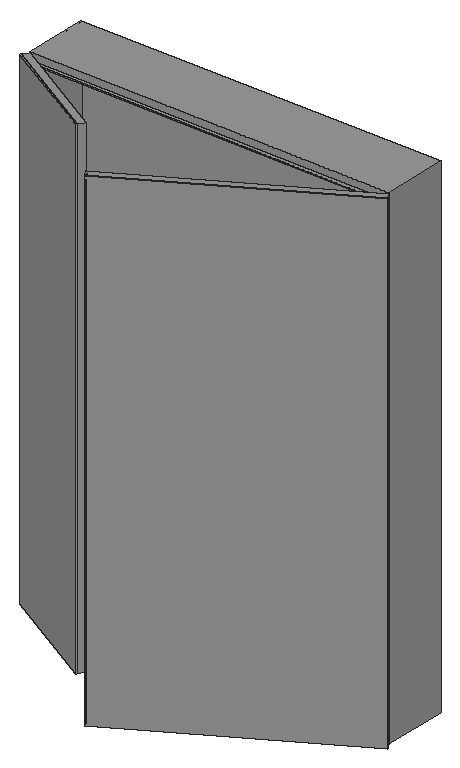
Revit family "Hager-Univers-IP44-D161-H1100-Cl.II-FWQ_encl-NoHosted-AT-de", category Equipement électrique, Revit 2020
Family settings
  Configuration du panneau = Deux colonnes, circuits au sein
  Cote de connecteur circulaire = Utiliser le diamètre
  Type d'élément = Tableau de raccordement
  Basée sur le plan de construction = Oui
  Toujours verticalement = Oui
  Couper avec des vides une fois chargée = Non
  Partagée = Non
  Point de calcul de pièce = Non
Parameters (values of type "Aufputz IP44 B800 H1100 T161  - FWQ73P")
  Width Control [instance] = if([EF000008 - Breite] > Min Width, [EF000008 - Breite], Min Width)  # 800 mm
  Commentaires du type = [HG000003 - Bereich]  # "Univers"
  Thickness Door [instance] = if([EF009171 - Materialstärke Tür/Deckel] > 3 mm, 3 mm, [EF009171 - Materialstärke Tür/Deckel])  # 2 mm
  Seal Frame Offset [instance] = 17 mm  # constant formula
  Plinth Visibility [instance] = [HG000027 - Sockelhöhe] > 0 mm  # no
  Min Width [instance] = 100 mm  # constant formula
  Min Depth [instance] = (2 * [EF009170 - Materialstärke Gehäuse]) + 1 mm  # 5 mm
  Min Height [instance] = 100 mm  # constant formula
  Internal Frame Depth [instance] = (Door System Depth * 0.5)  # 9 mm
  Panel Name [instance] = ""  # (empty or 0)
  Model = ""
  HG000027 - Sockelhöhe = 0 mm
  HG000026 - Stehend auf dem Boden = no
  HG000024 - Höhe des unteren Teils = 600 mm
  HG000023 - Gehäuse mit doppeltem Querschnitt = no
  HG000016 - 3D-Türsichtbarkeit [instance] = yes
  HG000015 - Sichtbarkeit der Türöffnung [instance] = no
  HG000014 - Tür rechts [instance] = yes
  HG000013 - Tür links [instance] = not([HG000014 - Tür rechts])  # no
  HG000012 - Türschwenkwinkel [instance] = 30.00°
  HG000010 - Asymmetrische Türen = yes
  HG000009 - Doppelflügeligen Tür = yes
  HG000006 - Unterputz = no
  HG000004 - Herstellerreferenz = "FWQ73P"
  HG000003 - Bereich = "Univers"
  HG000002 - Mit tür = yes
  Frame Offset Bottom [instance] = 10 mm  # constant formula
  Frame Offset [instance] = 15 mm  # constant formula
  EF015940 - Deckel mit Überdruckentlastung = no
  EF011959 - Schutzart (NEMA) = ""
  EF009554 - Anzahl der Öffnungen für Flanschplatten = 6
  EF009212 - Ausführung Deckel = "EV009916 - mit Ausschnitt"
  EF009171 - Materialstärke Tür/Deckel = 2 mm
  EF009170 - Materialstärke Gehäuse = 2 mm
  EF008873 - Nennstrom (In) = 125 A
  EF007800 - Geeignet für Blitzschutz = no
  EF006306 - Mit Schloss = no
  EF006244 - Transparenter Deckel/Tür = no
  EF005474 - Schutzart (IP) = "EV006418 - IP44"
  EF004464 - Art der Tür = "EV002646 - Einzel"
  EF004427 - Anzahl der Module = 252
  EF004293 - Schlagfestigkeit = "EV006815 - IK09"
  EF003532 - Geeignet für Außengebrauch = no
  EF002950 - Breite in Teilungseinheiten = 12
  EF001613 - Funktionserhalt = "EV000494 - ohne"
  EF001596 - Werkstoff des Gehäuses = "EV000179 - Stahl"
  EF001131 - Innentiefe = 161 mm
  EF001088 - Anbaumöglichkeit = yes
  EF000437 - Anzahl der Leitungseinführungen = 12
  EF000339 - Art der Abdeckung = "EV001012 - Deckel"
  EF000266 - Anzahl der Reihen = 21
  EF000218 - Einbautiefe = 0 mm
  EF000118 - Mit Montageplatte = yes
  EF000116 - RAL-Nummer = "9010"
  EF000049 - Tiefe = 161 mm
  EF000040 - Höhe = 1100 mm
  EF000008 - Breite = 800 mm
  EF000007 - Farbe = "EV000202 - weiß"
  EF000003 - Montageart = "EV000384 - Aufputz"
  Door System Leaf Tolerance [instance] = 1.5 mm  # constant formula
  Door System Depth [instance] = 18 mm  # constant formula
  Door Height [instance] = Height Control - [HG000027 - Sockelhöhe]  # 1100 mm
  Description = ""
  Default Elevation = 1219.2 mm
  Connector Offset [instance] = Height Control / 2  # 550 mm
  Fabricant = "Hager"  # constant formula
  Height Control [instance] = if([EF000040 - Höhe] > Min Height, [EF000040 - Höhe], Min Height)  # 1100 mm
  Depth Control [instance] = if([EF000049 - Tiefe] > Min Depth, [EF000049 - Tiefe], Min Depth)  # 161 mm
  Bottom Top Plate Trim [instance] = 1.5 mm  # constant formula
  Plinth height Ctrl [instance] = if([HG000027 - Sockelhöhe] > 0 mm, [HG000027 - Sockelhöhe], 12 mm)  # 12 mm
Types (4, lengths in mm): name | Width Control | HG000010 - Asymmetrische Türen | HG000009 - Doppelflügeligen Tür | HG000004 - Herstellerreferenz | EF009554 - Anzahl der Öffnungen für Flanschplatten | EF004427 - Anzahl der Module | EF000437 - Anzahl der Leitungseinführungen | EF000266 - Anzahl der Reihen | EF000008 - Breite
  Aufputz IP44 B1050 H1100 T161  - FWQ74P | 1050 | no | yes | "FWQ74P" | 8 | 336 | 16 | 28 | 1050
  Aufputz IP44 B300 H1100 T161  - FWQ71P | 300 | no | no | "FWQ71P" | 2 | 84 | 4 | 1 | 300
  Aufputz IP44 B550 H1100 T161  - FWQ72P | 550 | no | no | "FWQ72P" | 4 | 168 | 8 | 14 | 550
  Aufputz IP44 B800 H1100 T161  - FWQ73P | 800 | yes | yes | "FWQ73P" | 6 | 252 | 12 | 21 | 800
Reference planes
  plane 1 "Center (Front/Back)": y = 0
  plane 2: z = 0
  plane 3 "Center (Left/Right)": x = 0
  plane 4: y = 0
  plane 5: y = 0
  plane 6: z = 0
  plane 7: x = -400
  plane 8: x = 400
  plane 9: x = 398
  plane 10: x = -398
  plane 11: z = 0
  plane 12: z = 2
  plane 13: y = -161
  plane 14: y = -2
  plane 15: x = 0
  plane 16: y = -143
  plane 17: y = -159
  plane 18: y = -141
  plane 19: x = -383
  plane 20: x = 383
  plane 21: z = 12
  plane 22: x = -383
  plane 23: x = 383
  plane 24: z = 0
  plane 25: z = 1100
  plane 26: z = 1100
  plane 27: z = 1083
  plane 28: z = 1098
Forms (mm)
  Extrusion 1, solid, material "Hager_Steel_RAL7035_Light_Grey", detail levels medium+fine
    sketch origin (-208.679, -4572, 0) x (-1, 0, 0) y (0, -1, 0)
      loop
        line (191.321, -4429) -> (-608.679, -4429) -> (-608.679, -4572) -> (191.321, -4572) -> (191.321, -4429)
    from 0 to 1100
  Extrusion 2, void
    sketch origin (-350.771, -161, 1219.2) x (1, 0, 0) y (0, 0, 1)
      loop
        line (-47.229, -121.2) -> (-47.229, -1217.2) -> (748.771, -1217.2) -> (748.771, -121.2) -> (-47.229, -121.2)
    from -20 to -159
  Extrusion 3, void
    sketch origin (-290.084, -143, 1219.2) x (1, 0, 0) y (0, 0, 1)
      loop
        line (-92.916, -1207.2) -> (673.084, -1207.2) -> (673.084, -136.2) -> (-92.916, -136.2) -> (-92.916, -1207.2)
    from 0 to -2
  Extrusion 4, solid, material "Hager_Steel_RAL7035_Light_Grey", visible <- "Plinth Visibility", detail levels medium+fine
    sketch origin (0, 0, 0) x (1, 0, 0) y (0, 1, 0)
      loop
        line (-400, 0) -> (-400, -143) -> (400, -143) -> (400, 0) -> (-400, 0)
    from 0 to 12 <- "Plinth height Ctrl"
  Extrusion 5, solid, material "Hager_Steel_RAL7035_Light_Grey", detail levels coarse
    sketch origin (0, 0, 0) x (1, 0, 0) y (0, 1, 0)
      loop
        line (-400, 0) -> (-400, -161) -> (400, -161) -> (400, 0) -> (-400, 0)
    from 0 to 1100 <- "Height Control"
  Sweep 6, void
    path in 3D
      loop
        line (-400, -143, 12) -> (400, -143, 12) -> (400, 0, 12) -> (-400, 0, 12) -> (-400, -143, 12)
    profile origin (-400, -71.5, 12) x (1, 0, 0) y (0, 0, 1)
      loop
        line (0, 0) -> (0, -1.5) -> (1.5, -1.5)
        arc (1.5, -1.5) -> (1.061, -0.439) -> (0, 0) r 1.5
  Extrusion 7, solid, material "Hager_Steel_RAL7035_Light_Grey", detail levels fine
    sketch origin (-400, -143, 0) x (1, 0, 0) y (0, 0, 1)
      loop
        line (17, 12) -> (783, 12) -> (783, 1083) -> (17, 1083) -> (17, 12)
      loop
        line (15, 10) -> (785, 10) -> (785, 1085) -> (15, 1085) -> (15, 10)
    from 0 to 9 <- "Internal Frame Depth"
Cuts and joins
  Extrusion 2, Extrusion 3 cuts Extrusion 1
  Sweep 6 cuts Extrusion 4
Lines and regions (mm)
  Masking region 1
    outline origin (0, 0, 0) x (1, 0, 0) y (0, 1, 0)
      loop
        line (-400, 0) -> (-400, -161) -> (400, -161) -> (400, 0) -> (-400, 0)
  Masking region 2, detail levels coarse
    outline origin (-290.084, -143, 1219.2) x (-1, 0, 0) y (0, 0, 1)
      loop
        line (-690.084, -1219.2) -> (109.916, -1219.2) -> (109.916, -119.2) -> (-690.084, -119.2) -> (-690.084, -1219.2)
  Masking region 3, detail levels coarse
    outline origin (0, 0, 0) x (0, 1, 0) y (0, 0, 1)
      loop
        line (0, 0) -> (0, 1100) -> (-161, 1100) -> (-161, 0) -> (0, 0)
  Masking region 4, visible <- "Plinth Visibility", detail levels medium+fine
    outline origin (0, 0, 0) x (0, 1, 0) y (0, 0, 1)
      loop
        line (-1.5, 12) -> (-141.5, 12)
        arc (-141.5, 12) -> (-141.939, 10.939) -> (-143, 10.5) r 1.5
        line (-143, 10.5) -> (-143, 0) -> (0, 0) -> (0, 10.5)
        arc (0, 10.5) -> (-1.061, 10.939) -> (-1.5, 12) r 1.5
  Masking region 5, detail levels medium+fine
    outline origin (0, 0, 594.038) x (0, 1, 0) y (0, 0, 1)
      loop
        line (0, -594.038) -> (0, 505.962) -> (-143, 505.962) -> (-143, -594.038) -> (0, -594.038)
  Masking region 6, detail levels medium+fine
    outline origin (-359.7, -143, 1211.883) x (-1, 0, 0) y (0, 0, 1)
      loop
        line (-759.7, -1211.883) -> (40.3, -1211.883) -> (40.3, -111.883) -> (-759.7, -111.883) -> (-759.7, -1211.883)
  Masking region 7, visible <- "Plinth Visibility", detail levels medium+fine
    outline origin (-320.334, -143, 1041.368) x (-1, 0, 0) y (0, 0, 1)
      loop
        line (-720.334, -1041.368) -> (79.666, -1041.368) -> (79.666, -1030.868)
        arc (79.666, -1030.868) -> (78.606, -1030.429) -> (78.166, -1029.368) r 1.5
        line (78.166, -1029.368) -> (-718.834, -1029.368)
        arc (-718.834, -1029.368) -> (-719.273, -1030.429) -> (-720.334, -1030.868) r 1.5
        line (-720.334, -1030.868) -> (-720.334, -1041.368)
  sketch lines
    curve 1: line (-400, 0, 12) -> (-400, -143, 12)
    curve 2: line (-400, -143, 12) -> (400, -143, 12)
    curve 3: line (400, 0, 12) -> (-400, 0, 12)
    curve 4: line (400, -143, 12) -> (400, 0, 12)
Dimensions and locks
  locked: plane 1 "Center (Front/Back)" to plane 5
  "EF009170 - Materialstärke Gehäuse": plane 7 to plane 10
  "EF009170 - Materialstärke Gehäuse": plane 8 to plane 9
  equal spacing: plane 7, plane 3 "Center (Left/Right)", plane 8
  "Width Control": plane 7 to plane 8
  "Depth Control": plane 4 to plane 13
  "EF009170 - Materialstärke Gehäuse": plane 4 to plane 14
  "Height Control": plane 25 to level
  "HG000027 - Sockelhöhe": plane 11 to level
  "EF009170 - Materialstärke Gehäuse": plane 12 to plane 11
  "EF009170 - Materialstärke Gehäuse": plane 17 to plane 13
  "EF009170 - Materialstärke Gehäuse": plane 18 to plane 16
  "Frame Offset Bottom": plane 21 to plane 12
  "Frame Offset": plane 10 to plane 19
  "Frame Offset": plane 9 to plane 20
  "Door System Depth": plane 16 to plane 13
  "Seal Frame Offset": plane 7 to plane 22
  "Seal Frame Offset": plane 8 to plane 23
  "EF009170 - Materialstärke Gehäuse": plane 26 to plane 28
  "Frame Offset": plane 28 to plane 27
  "Connector Offset": plane 2 to connector elem
  "Bottom Top Plate Trim": profile plane to Sweep 6 sketch curve
  "Bottom Top Plate Trim": Sweep 6 sketch curve to Sweep 6 sketch curve
  "Plinth height Ctrl": Masking region 4 sketch curve to level
  "Plinth height Ctrl": Masking region 7 sketch curve to level
  "Thickness Door": Extrusion 7 sketch curve to Extrusion 7 sketch curve  (x4)
  "Bottom Top Plate Trim": radius of Sweep 6 sketch curve
  "Bottom Top Plate Trim": radius of Masking region 4 sketch curve  (x2)
  "Bottom Top Plate Trim": radius of Masking region 7 sketch curve  (x2)
  aligned and locked: Extrusion 2 sketch curve to plane 12
  aligned and locked: Extrusion 2 sketch curve to plane 9
  aligned and locked: Extrusion 2 sketch curve to plane 10
  aligned and locked: Extrusion 2 to plane 14
  aligned and locked: Extrusion 1 sketch curve to plane 4
  aligned and locked: plane 8 to Extrusion 1 sketch curve
  aligned and locked: plane 7 to Extrusion 1 sketch curve
  aligned and locked: Extrusion 2 to plane 18
  aligned and locked: Extrusion 3 sketch curve to plane 19
  aligned and locked: plane 20 to Extrusion 3 sketch curve
  aligned and locked: Extrusion 3 to Extrusion 2
  aligned and locked: Extrusion 3 sketch curve to plane 21
  aligned and locked: plane 3 "Center (Left/Right)" to nested 1
  aligned and locked: Extrusion 1 sketch curve to plane 16
  aligned and locked: Extrusion 4 sketch curve to cut or joined group of Extrusion 1, Extrusion 2, Extrusion 3
  aligned and locked: Masking region 1 sketch curve to plane 7
  aligned and locked: Masking region 1 sketch curve to plane 5
  aligned and locked: Masking region 1 sketch curve to plane 8
  aligned and locked: Masking region 2 sketch curve to level
  aligned and locked: level to Masking region 3 sketch curve
  aligned and locked: plane 1 "Center (Front/Back)" to Masking region 3 sketch curve
  aligned and locked: plane 13 to Masking region 3 sketch curve
  aligned and locked: plane 5 to Masking region 4 sketch curve
  aligned and locked: Masking region 2 sketch curve to plane 8
  aligned and locked: Masking region 2 sketch curve to plane 7
  aligned and locked: plane 7 to nested 2
  aligned and locked: nested 2 to plane 5
  aligned and locked: plane 5 to Masking region 5 sketch curve
  aligned and locked: plane 26 to Masking region 5 sketch curve
  aligned and locked: Extrusion 5 sketch curve to plane 8
  aligned and locked: Extrusion 5 sketch curve to plane 7
  aligned and locked: Extrusion 5 sketch curve to plane 5
  aligned and locked: Extrusion 3 sketch curve to plane 27
  aligned and locked: Extrusion 2 sketch curve to plane 28
  aligned and locked: Masking region 2 to plane 25
  aligned and locked: Extrusion 4 to plane 16
  aligned and locked: profile plane to Sweep 6 sketch curve
  aligned and locked: Masking region 5 sketch curve to plane 24
  aligned and locked: level to Masking region 4 sketch curve
  aligned and locked: Masking region 1 to plane 13
  aligned and locked: nested 1 to plane 16
  aligned and locked: Masking region 3 to plane 25
  aligned and locked: plane 16 to Masking region 4 sketch curve
  aligned and locked: Masking region 5 sketch curve to plane 16
  aligned and locked: plane 24 to plane 11
  aligned and locked: plane 26 to plane 25
  aligned and locked: plane 26 to cut or joined group of Extrusion 1, Extrusion 2, Extrusion 3
  aligned and locked: nested 1 to plane 24
  aligned and locked: Extrusion 1 to Extrusion 3
  aligned and locked: Masking region 6 sketch curve to plane 8
  aligned and locked: Masking region 6 sketch curve to plane 24
  aligned and locked: Masking region 6 sketch curve to plane 7
  aligned and locked: Masking region 6 sketch curve to plane 26
  aligned and locked: Masking region 7 sketch curve to plane 7
  aligned and locked: level to Masking region 7 sketch curve
  aligned and locked: Masking region 7 sketch curve to plane 8
  aligned and locked: Extrusion 7 sketch curve to cut or joined group of Extrusion 1, Extrusion 2, Extrusion 3  (x4)
Automatic sketch dimensions
  plane 19 to Extrusion 3 sketch curve = 0 mm
  Extrusion 3 sketch curve to plane 20 = 0 mm
  Extrusion 3 sketch curve to plane 21 = 0 mm
  Extrusion 4 sketch curve to plane 7 = 0 mm
  Extrusion 4 sketch curve to plane 8 = 0 mm
  Extrusion 4 sketch curve to plane 16 = 0 mm
  Masking region 1 sketch curve to plane 13 = 0 mm
  Masking region 2 sketch curve to plane 25 = 0 mm
  Masking region 3 sketch curve to plane 25 = 0 mm
  Extrusion 5 sketch curve to plane 13 = 0 mm
  profile plane to Sweep 6 sketch curve = 0 mm
Nested families
  nested 1: "EC000058_Univers_Door" at (0, -143, 0), Double <- "HG000009 - Doppelflügeligen Tür", Transparent <- "EF006244 - Transparenter Deckel/Tür", Angle <- "HG000012 - Türschwenkwinkel", Door_Right <- "HG000014 - Tür rechts", Assymetrical <- "HG000010 - Asymmetrische Türen", Door <- "HG000002 - Mit tür", Width_Ctrl <- "Width Control", 3d_Door <- "HG000016 - 3D-Türsichtbarkeit", Clearance <- "HG000015 - Sichtbarkeit der Türöffnung", Door_Left <- "HG000013 - Tür links", Width <- "Width Control", Door_Depth <- "Door System Depth", Leaf_Tolerance <- "Door System Leaf Tolerance", Height <- "Door Height", Lock_Visibility <- "EF006306 - Mit Schloss", Thickness <- "Thickness Door", type "EC000058_Univers_Door", detail levels medium+fine
    with min_wh 5 mm, Width_Ctrl 800 mm, Width 800 mm, Transparent no, Thickness 2 mm, Seal_Material Hager_Rubber, Lock_Visibility no, Lock_Material Hager_Plastic_RAL9005_Jet_Black, Leaf_Width 800 mm, Leaf_Tolerance_External_Sides 0 mm, Leaf_Tolerance 1.5 mm, Leaf_Offset 0 mm, Leaf_Height 1097 mm, Leaf_2_Width 532.583 mm, Leaf_2_Offset 266.292 mm, Leaf_1_Width 265.917 mm, Leaf_1_Offset 132.958 mm, Height_Ctrl 1100 mm, Height 1100 mm, Glass_Material Hager_Glass, Double_Clearance_Ctrl no, Double yes, Door_Right_Ctrl yes, Door_Right yes, Door_Material Hager_Steel_RAL7035_Light_Grey, Door_Left_Ctrl yes, Door_Left no, Door_Depth 18 mm, Door yes, Clearance_Material Hager_Clearance, Clearance_Depth 532.583 mm, Clearance_Ctrl no, Clearance no, Assymetrical yes, Angle 30.00°, 3d_Door yes
  nested 2: "Hager_Enclosure_Symbol" at (-400, 0, 0), Height <- "Depth Control", Width <- "Width Control", type "Hager_Enclosure_Symbol"
    with Width_Ctrl 800 mm, Width 800 mm, Height_Ctrl 161 mm, Height 161 mm, A_Width_Int 10.566 mm, A_Width 126.788 mm, A_Height_Ctrl 140.875 mm, A_Height 140.875 mm
Connectors
  electrical at (0, 0, 550)
    settings: on plane 1 "Center (Front/Back)", index 1, voltage 0 V, apparent load 0 VA, apparent load phase1 0 VA, apparent load phase2 0 VA, apparent load phase3 0 VA, power factor 1, load classification "Other", number of poles 1, system type 30, power factor state 1, is connector primary yes, connector utility no, sub classification motor no, connector description ""
Definition of nested family "EC000058_Univers_Door"
  Parameters (values of type "EC000058_Univers_Door")
    min_wh [instance] = (2 * Thickness) + 1 mm  # 11 mm
    Width_Ctrl [instance] = 400 mm
    Width [instance] = 500 mm
    Transparent [instance] = yes
    Thickness [instance] = 5 mm
    Seal_Material [instance] = none
    Lock_Visibility [instance] = yes
    Lock_Material [instance] = none
    Leaf_Width [instance] = if((Width_Ctrl - 2 * Leaf_Tolerance_External_Sides) > 0 mm, (Width_Ctrl - 2 * Leaf_Tolerance_External_Sides), min_wh)  # 400 mm
    Leaf_Tolerance_External_Sides [instance] = 0 mm  # constant formula
    Leaf_Tolerance [instance] = 1.5 mm
    Leaf_Offset [instance] = 0 mm  # constant formula
    Leaf_Height [instance] = if((Height_Ctrl - 2 * Leaf_Tolerance) > 0 mm, (Height_Ctrl - 2 * Leaf_Tolerance), min_wh)  # 497 mm
    Leaf_2_Width [instance] = if(and(and(Double, Assymetrical), Door_Left), (Leaf_Width / 3) - (Leaf_Tolerance / 2), if(and(and(Double, Assymetrical), Door_Right), (Leaf_Width / 3) * 2 - (Leaf_Tolerance / 2), if(and(Double, not(Assymetrical)), (Leaf_Width / 2) - Leaf_Tolerance, Leaf_Width)))  # 400 mm
    Leaf_2_Offset [instance] = if(and(Double, Assymetrical), Leaf_2_Width / 2, if(and(Double, not(Assymetrical)), Leaf_Width / 4, Leaf_Width / 2))  # 200 mm
    Leaf_1_Width [instance] = if(and(and(Double, Assymetrical), Door_Right), (Leaf_Width / 3) - (Leaf_Tolerance / 2), if(and(and(Double, Assymetrical), Door_Left), (Width / 3) * 2 - (Leaf_Tolerance / 2), if(and(Double, not(Assymetrical)), (Leaf_Width / 2) - Leaf_Tolerance, Leaf_Width)))  # 400 mm
    Leaf_1_Offset [instance] = if(and(Double, Assymetrical), Leaf_1_Width / 2, if(and(Double, not(Assymetrical)), Leaf_Width / 4, Leaf_Width / 2))  # 200 mm
    Height_Ctrl [instance] = if(Height > min_wh, Height, min_wh)  # 500 mm
    Height [instance] = 500 mm
    Glass_Material [instance] = none
    Double_Clearance_Ctrl [instance] = and(Double, Clearance)  # no
    Double [instance] = no
    Door_Right_Ctrl [instance] = and(or(Door_Right, Double), Door)  # yes
    Door_Right [instance] = yes
    Door_Material [instance] = none
    Door_Left_Ctrl [instance] = and(or(Door_Left, Double), Door)  # no
    Door_Left [instance] = no
    Door_Depth [instance] = 30 mm
    Door [instance] = yes
    Default Elevation = 1219.2 mm
    Clearance_Material [instance] = none
    Clearance_Depth [instance] = if(Leaf_1_Width > Leaf_2_Width, Leaf_1_Width, Leaf_2_Width)  # 400 mm
    Clearance_Ctrl [instance] = and(not(Double), Clearance)  # yes
    Clearance [instance] = yes
    Assymetrical [instance] = yes
    Angle [instance] = 30.00°
    3d_Door [instance] = yes
  Reference planes
    plane 1 "Center (Front/Back)": y = 0
    plane 2 "Bottom": z = 0
    plane 3 "Center (Left/Right)": x = 0
    plane 4: z = 500
    plane 5: x = -200
    plane 6: x = 200
    plane 7: z = 500
    plane 8: x = -200
    plane 9: z = 0
    plane 10: x = 200
    plane 11: y = 0
    plane 12: z = 1.5
    plane 13: x = -600
    plane 14: y = -400
    plane 15: x = 600
    plane 16: x = 0
    plane 17: x = 0
    plane 18: x = -200
    plane 19: x = 200
    plane 20: z = 498.5
  Forms (mm)
    Extrusion 1, solid, material <- "Clearance_Material", visible <- "Double_Clearance_Ctrl"
      sketch origin (1200, 0, 0) x (1, 0, 0) y (0, 0, -1)
        loop
          line (-1800, -498.5) -> (-600, -498.5) -> (-600, 0) -> (-1800, 0) -> (-1800, -498.5)
      from 0 to -400
  Dimensions and locks
    equal spacing: plane 5, plane 3 "Center (Left/Right)", plane 6
    "Width_Ctrl": plane 5 to plane 6
    "Leaf_Offset": plane 5 to plane 8
    "Leaf_Offset": plane 6 to plane 10
    "Leaf_Offset": plane 9 to level
    "Leaf_Offset": plane 4 to plane 7
    "Height_Ctrl": plane 4 to level
    "Leaf_Tolerance": plane 12 to plane 9
    locked: plane 11 to plane 1 "Center (Front/Back)"
    "Leaf_1_Offset": plane 18 to plane 16
    "Leaf_2_Offset": plane 17 to plane 19
    "Leaf_1_Width": plane 13 to plane 8
    "Leaf_2_Width": plane 10 to plane 15
    "Clearance_Depth": plane 14 to plane 1 "Center (Front/Back)"
    "Leaf_Tolerance_External_Sides": plane 8 to plane 18
    "Leaf_Tolerance_External_Sides": plane 19 to plane 10
    "Leaf_Tolerance": plane 7 to plane 20
    aligned and locked: level to plane 2 "Bottom"
    aligned and locked: nested 1 to plane 16
    aligned and locked: nested 2 to plane 17
    aligned and locked: Extrusion 1 to plane 13
    aligned and locked: plane 15 to Extrusion 1
    aligned and locked: Extrusion 1 to plane 14
    aligned and locked: plane 12 to nested 1
    aligned and locked: nested 2 to plane 12
    aligned and locked: Extrusion 1 to plane 11
    aligned and locked: plane 20 to Extrusion 1
    aligned and locked: nested 2 to plane 11
    aligned and locked: nested 1 to plane 11
  Automatic sketch dimensions
    Extrusion 1 sketch curve to level = 0 mm
    plane 5 to Extrusion 1 sketch curve = 400 mm
    plane 6 to Extrusion 1 sketch curve = 400 mm
    Extrusion 1 sketch curve to plane 4 = 1.5 mm
  Nested families
    nested 1: "EC000058_Univers_Door_Leaf" at (0, 0, 1.5), Width <- "Leaf_1_Width", visible <- "Door_Left_Ctrl", Leaf_Height <- "Leaf_Height", Angle <- "Angle", 3d_Door <- "3d_Door", Transparent <- "Transparent", Clearance Material <- "Clearance_Material", Clearance <- "Clearance_Ctrl", Door_Material <- "Door_Material", Glass_Material <- "Glass_Material", Door_Depth <- "Door_Depth", Lock_Material <- "Lock_Material", Seal_Material <- "Seal_Material", Lock_Visibility <- "Lock_Visibility", Thickness <- "Thickness", type "EC000058_Univers_Door_Leaf"
      with Width 400 mm, Transparent_Glass_Offset 30 mm, Transparent_Ctrl yes, Transparent yes, Thickness 5 mm, Standard no, Seal_Material none, Seal_D2 8 mm, Seal_D1 1 mm, Offset_Internal_Frame 10 mm, Lock_Width 20 mm, Lock_Visibility_3d yes, Lock_Visibility yes, Lock_Thickness_3 3 mm, Lock_Thickness_2 1 mm, Lock_Thickness_1 3 mm, Lock_Radius_Offset_2 16 mm, Lock_Radius_Offset_1 15 mm, Lock_Radius_2 5 mm, Lock_Radius 6 mm, Lock_Offset 5 mm, Lock_Material none, Lock_Height 80 mm, Lock_Cover_Top_Offset_2d 17 mm, Lock_Cover_Height -65 mm, Leaf_Height 497 mm, Internal_Seal_Thickness 8 mm, Internal_Seal_Depth_2 4.5 mm, Internal_Frame_Depth 25 mm, Glass_Thickness -1 mm, Glass_Offset -2 mm, Glass_Material none, Door_Material none, Door_Depth 30 mm, Clearance Material none, Clearance yes, Angle_Ctrl 30.00°, Angle 30.00°, 3d_Door yes
    nested 2: "EC000058_Univers_Door_Leaf" at (0, 0, 1.5) x (-1, 0, 0) z (0, 0, 1), Width <- "Leaf_2_Width", visible <- "Door_Right_Ctrl", Leaf_Height <- "Leaf_Height", Angle <- "Angle", 3d_Door <- "3d_Door", Transparent <- "Transparent", Clearance Material <- "Clearance_Material", Clearance <- "Clearance_Ctrl", Door_Material <- "Door_Material", Glass_Material <- "Glass_Material", Door_Depth <- "Door_Depth", Lock_Material <- "Lock_Material", Seal_Material <- "Seal_Material", Lock_Visibility <- "Lock_Visibility", Thickness <- "Thickness", type "EC000058_Univers_Door_Leaf"
      with Width 400 mm, Transparent_Glass_Offset 30 mm, Transparent_Ctrl yes, Transparent yes, Thickness 5 mm, Standard no, Seal_Material none, Seal_D2 8 mm, Seal_D1 1 mm, Offset_Internal_Frame 10 mm, Lock_Width 20 mm, Lock_Visibility_3d yes, Lock_Visibility yes, Lock_Thickness_3 3 mm, Lock_Thickness_2 1 mm, Lock_Thickness_1 3 mm, Lock_Radius_Offset_2 16 mm, Lock_Radius_Offset_1 15 mm, Lock_Radius_2 5 mm, Lock_Radius 6 mm, Lock_Offset 5 mm, Lock_Material none, Lock_Height 80 mm, Lock_Cover_Top_Offset_2d 17 mm, Lock_Cover_Height -65 mm, Leaf_Height 497 mm, Internal_Seal_Thickness 8 mm, Internal_Seal_Depth_2 4.5 mm, Internal_Frame_Depth 25 mm, Glass_Thickness -1 mm, Glass_Offset -2 mm, Glass_Material none, Door_Material none, Door_Depth 30 mm, Clearance Material none, Clearance yes, Angle_Ctrl 30.00°, Angle 30.00°, 3d_Door yes
  Definition of nested family "EC000058_Univers_Door_Leaf"
    Parameters (values of type "EC000058_Univers_Door_Leaf")
      Width [instance] = 2000 mm
      Transparent_Glass_Offset [instance] = 30 mm
      Transparent_Ctrl [instance] = and(Transparent, [3d_Door])  # yes
      Transparent [instance] = yes
      Thickness [instance] = 5 mm
      Standard [instance] = and(not(Transparent), [3d_Door])  # no
      Seal_Material [instance] = none
      Seal_D2 [instance] = 8 mm  # constant formula
      Seal_D1 [instance] = 1 mm  # constant formula
      Offset_Internal_Frame [instance] = 10 mm  # constant formula
      Lock_Width [instance] = 20 mm  # constant formula
      Lock_Visibility_3d [instance] = and(Lock_Visibility, [3d_Door])  # yes
      Lock_Visibility [instance] = yes
      Lock_Thickness_3 [instance] = 3 mm  # constant formula
      Lock_Thickness_2 [instance] = 1 mm  # constant formula
      Lock_Thickness_1 [instance] = 3 mm  # constant formula
      Lock_Radius_Offset_2 [instance] = Lock_Radius_Offset_1 + 1 mm  # 16 mm
      Lock_Radius_Offset_1 [instance] = 15 mm  # constant formula
      Lock_Radius_2 [instance] = Lock_Radius - 1 mm  # 5 mm
      Lock_Radius [instance] = 6 mm  # constant formula
      Lock_Offset [instance] = 5 mm  # constant formula
      Lock_Material [instance] = none
      Lock_Height [instance] = 80 mm  # constant formula
      Lock_Cover_Top_Offset_2d [instance] = Lock_Radius_Offset_2 + 1 mm  # 17 mm
      Lock_Cover_Height [instance] = -(Lock_Height - Lock_Radius_Offset_1)  # -65 mm
      Leaf_Height [instance] = 2720.336 mm
      Internal_Seal_Thickness [instance] = 8 mm  # constant formula
      Internal_Seal_Depth_2 [instance] = 4.5 mm  # constant formula
      Internal_Frame_Depth [instance] = if(Door_Depth - Thickness > 5 mm, Door_Depth - Thickness, 5 mm)  # 25 mm
      Glass_Thickness [instance] = if(Thickness > 15 mm, Glass_Offset + 10 mm, -1 mm)  # -1 mm
      Glass_Offset [instance] = if(Thickness > 15 mm, -(Thickness + 10 mm) / 2, -2 mm)  # -2 mm
      Glass_Material [instance] = none
      Door_Material [instance] = none
      Door_Depth [instance] = 30 mm
      Default Elevation = 0 mm
      Clearance Material [instance] = none
      Clearance [instance] = yes
      Angle_Ctrl [instance] = if(Angle > 180.00°, 180.00°, Angle)  # 90.00°
      Angle [instance] = 90.00°
      3d_Door [instance] = yes
    Reference planes
      plane 1 "Center (Front/Back)": y = 0
      plane 2: z = 0
      plane 3 "Center (Left/Right)": x = 0
      plane 4: y = 2000
      plane 5: x = -1000
      plane 6: x = 1000
      plane 7: x = -3000
      plane 8: z = 2720.336
      plane 9: z = 30
      plane 10: z = 2690.336
      plane 11: x = 970
      plane 12: x = -970
      plane 13: y = -3
      plane 14: z = 107.833
      plane 15: y = -5
      plane 16: y = -223.314
      plane 17: x = -1000
      plane 18: z = 1360.168
      plane 19: y = 30
    Forms (mm)
      Extrusion 1, solid, material <- "Clearance Material", visible <- "Clearance"
        sketch origin (0, 0, 0) x (1, 0, 0) y (0, 0, 1)
          loop
            line (-3000, 2720.336) -> (-3000, 0) -> (1000, 0) -> (1000, 2720.336) -> (-3000, 2720.336)
        from 0 to -2000
      Extrusion 2, solid, material <- "Door_Material", visible <- "Standard", detail levels medium+fine
        sketch origin (-1000, 0, 0) x (0, 1, 0) y (-1, 0, 0)
          loop
            line (0, 30) -> (0, 25) -> (2000, 25) -> (2000, 30) -> (0, 30)
        from 0 to 2720.336 <- "Leaf_Height"
      Extrusion 3, solid, material <- "Door_Material", visible <- "Transparent_Ctrl", detail levels medium+fine
        sketch origin (-1000, 0, 0) x (0, 1, 0) y (-1, 0, 0)
          loop
            line (0, 25) -> (2000, 25) -> (2000, 30) -> (0, 30) -> (0, 25)
        from 0 to 2720.336 <- "Leaf_Height"
      Extrusion 4, void
        sketch origin (-1025, 2000, 0) x (0, 1, 0) y (0, 0, -1)
          loop
            line (-30, -2690.336) -> (-30, -30) -> (-1970, -30) -> (-1970, -2690.336) -> (-30, -2690.336)
        from 0 to 5 <- "Thickness"
      Sweep 5, solid, material <- "Seal_Material", visible <- "Transparent_Ctrl", detail levels fine
        path in 3D
          loop
            line (-1025, 30, 30) -> (-1025, 30, 2690.336) -> (-1025, 1970, 2690.336) -> (-1025, 1970, 30) -> (-1025, 30, 30)
        profile origin (-1025, 1000, 30) x (1, 0, 0) y (0, 0, 1)
          loop
            line (0, 0) -> (0, -8) -> (1, -8) -> (1, 0) -> (0, 0)
      Extrusion 6, solid, material <- "Glass_Material", visible <- "Transparent_Ctrl", detail levels medium+fine
        sketch origin (-1030, 0, 0) x (0, 1, 0) y (0, 0, -1)
          loop
            line (1970, -2690.336) -> (1970, -30) -> (30, -30) -> (30, -2690.336) -> (1970, -2690.336)
        from -2 <- "Glass_Offset" to -1 <- "Glass_Thickness"
      Extrusion 7, solid, material <- "Door_Material", visible <- "3d_Door", detail levels medium+fine
        sketch origin (-1025, 2000, 0) x (0, -1, 0) y (0, 0, -1)
          loop
            line (0, -2720.336) -> (2000, -2720.336) -> (2000, 0) -> (0, 0) -> (0, -2720.336)
          loop
            line (1995, -5) -> (5, -5) -> (5, -2715.336) -> (1995, -2715.336) -> (1995, -5)
        from 0 to 25 <- "Internal_Frame_Depth"
      Sweep 8, solid, material <- "Seal_Material", visible <- "Transparent_Ctrl", detail levels fine
        path in 3D
          loop
            line (-1025, 0, 0) -> (-1025, 2000, 0) -> (-1025, 2000, 2720.336) -> (-1025, 0, 2720.336) -> (-1025, 0, 0)
        profile origin (-1025, 0, 1360.168) x (1, 0, 0) y (0, 1, 0)
          loop
            line (0, 10) -> (2.975, 10)
            arc (2.975, 10) -> (4.053, 10.447) -> (4.5, 11.525) r 1.525
            line (4.5, 11.525) -> (4.5, 16.527)
            arc (4.5, 16.527) -> (4.069, 17.569) -> (3.027, 18) r 1.473
            line (3.027, 18) -> (0, 18) -> (0, 10)
      Extrusion 9, solid, material <- "Lock_Material", visible <- "Lock_Visibility_3d", detail levels fine
        sketch origin (-1030, 0, 0) x (0, 1, 0) y (0, 0, -1)
          loop
            arc (1993.5, -1400.168) -> (1994.561, -1399.729) -> (1995, -1398.668) r 1.5
            line (1995, -1398.668) -> (1995, -1320.168) -> (1975, -1320.168) -> (1975, -1398.668)
            arc (1975, -1398.668) -> (1975.439, -1399.729) -> (1976.5, -1400.168) r 1.5
            line (1976.5, -1400.168) -> (1993.5, -1400.168)
        from 3 <- "Lock_Thickness_1" to 0
      Blend 10, solid, material <- "Lock_Material", visible <- "Lock_Visibility_3d", detail levels fine
        base sketch origin (-1033, 0, 0) x (0, 1, 0) y (0, 0, -1)
          loop
            line (1975, -1320.168) -> (1975, -1398.668)
            arc (1975, -1398.668) -> (1975.439, -1399.729) -> (1976.5, -1400.168) r 1.5
            line (1976.5, -1400.168) -> (1993.5, -1400.168)
            arc (1993.5, -1400.168) -> (1994.561, -1399.729) -> (1995, -1398.668) r 1.5
            line (1995, -1398.668) -> (1995, -1320.168) -> (1975, -1320.168)
        top sketch origin (-1033, 0, 0) x (0, 1, 0) y (0, 0, -1)
          loop
            line (1976, -1320.168) -> (1976, -1398.668)
            arc (1976, -1398.668) -> (1976.146, -1399.022) -> (1976.5, -1399.168) r 0.5
            line (1976.5, -1399.168) -> (1993.5, -1399.168)
            arc (1993.5, -1399.168) -> (1993.854, -1399.022) -> (1994, -1398.668) r 0.5
            line (1994, -1398.668) -> (1994, -1320.168) -> (1976, -1320.168)
        from 0 to 1 <- "Lock_Thickness_2"
      Blend 11, solid, material <- "Lock_Material", visible <- "Lock_Visibility_3d", detail levels fine
        base sketch origin (-1034, 0, 0) x (0, 1, 0) y (0, 0, -1)
          loop
            line (1978, -1320.168) -> (1978, -1384.168)
            arc (1978, -1384.168) -> (1985, -1391.168) -> (1992, -1384.168) r 7
            line (1992, -1384.168) -> (1992, -1320.168) -> (1978, -1320.168)
        top sketch origin (-1034, 0, 0) x (0, 1, 0) y (0, 0, -1)
          loop
            line (1991, -1320.168) -> (1979, -1320.168) -> (1979, -1383.168)
            arc (1979, -1383.168) -> (1985, -1389.168) -> (1991, -1383.168) r 6
            line (1991, -1383.168) -> (1991, -1320.168)
        from 0 to 3 <- "Lock_Thickness_3"
      Extrusion 12, solid, material <- "Lock_Material", visible <- "Lock_Visibility_3d", detail levels fine
        sketch origin (-1030, 1975, 1320.168) x (1, 0, 0) y (0, -1, 0)
          loop
            line (-7, -19) -> (-7, -1) -> (0, -1) -> (0, 0) -> (-8, 0) -> (-8, -20) -> (0, -20) -> (0, -19) -> (-7, -19)
        from 0 to -65 <- "Lock_Cover_Height"
      Extrusion 13, void
        sketch origin (-1038, 1995, 1320.168) x (-1, 0, 0) y (0, 0, -1)
          loop
            line (-5, -65) -> (0, -65) -> (-5, -60) -> (-5, -65)
        from 0 to 20 <- "Lock_Width"
      Extrusion 14, void
        sketch origin (-1038, 1975, 1320.168) x (0, -1, 0) y (0, 0, -1)
          loop
            circle (-10, -15.995) r 6
          loop
            circle (-10, -15.995) r 5
        from 0 to 2
      Extrusion 15, solid, material <- "Lock_Material", visible <- "Lock_Visibility_3d", detail levels medium
        sketch origin (-1030, 0, 0) x (0, 1, 0) y (0, 0, -1)
          loop
            arc (1993.5, -1400.168) -> (1994.561, -1399.729) -> (1995, -1398.668) r 1.5
            line (1995, -1398.668) -> (1995, -1320.168) -> (1975, -1320.168) -> (1975, -1398.668)
            arc (1975, -1398.668) -> (1975.439, -1399.729) -> (1976.5, -1400.168) r 1.5
            line (1976.5, -1400.168) -> (1993.5, -1400.168)
        from 8 to 0
    Cuts and joins
      Extrusion 4 cuts Extrusion 3
      Extrusion 13, Extrusion 14 cuts Extrusion 9
      Extrusion 14 cuts Blend 11
      Extrusion 13, Extrusion 14 cuts Extrusion 12
      joined: Extrusion 9, Blend 10, Blend 11, Extrusion 12
      Extrusion 14 cuts Extrusion 15
    Lines and regions (mm)
      Masking region 1, visible <- "Lock_Visibility", detail levels fine
        outline origin (0, 0, 0) x (0, 1, 0) y (0, 0, 1)
          loop
            line (30, 1320.168) -> (33, 1320.168) -> (33, 1400.168) -> (30, 1400.168) -> (30, 1320.168)
      Masking region 2, visible <- "Lock_Visibility", detail levels fine
        outline origin (0, 3.143, 0) x (0, 1, 0) y (0, 0, 1)
          loop
            line (29.857, 1354.168) -> (30.857, 1354.168) -> (30.857, 1366.168) -> (29.857, 1366.168) -> (29.857, 1354.168)
      Masking region 3, detail levels medium+fine
        outline origin (0, 0, 0) x (0, 1, 0) y (0, 0, 1)
          loop
            line (0, 0) -> (30, 0) -> (30, 2720.336) -> (0, 2720.336) -> (0, 0)
      Masking region 4, detail levels medium+fine
        outline origin (0, 0, 0) x (1, 0, 0) y (0, 0, 1)
          loop
            line (-1000, 2720.336) -> (-1000, 0) -> (1000, 0) -> (1000, 2720.336) -> (-1000, 2720.336)
      Masking region 5, visible <- "Lock_Visibility", detail levels fine
        outline origin (-47.116, 0, 0) x (1, 0, 0) y (0, 0, 1)
          loop
            arc (1024.616, 1399.168) -> (1023.556, 1398.729) -> (1023.116, 1397.668) r 1.5
            line (1023.116, 1397.668) -> (1023.116, 1320.168) -> (1041.116, 1320.168) -> (1041.116, 1397.668)
            arc (1041.116, 1397.668) -> (1040.677, 1398.729) -> (1039.616, 1399.168) r 1.5
            line (1039.616, 1399.168) -> (1024.616, 1399.168)
      Masking region 6, visible <- "Lock_Visibility", detail levels medium+fine
        outline origin (-25, 0, 0) x (1, 0, 0) y (0, 0, 1)
          loop
            arc (1001.5, 1400.168) -> (1000.439, 1399.729) -> (1000, 1398.668) r 1.5
            line (1000, 1398.668) -> (1000, 1320.168) -> (1020, 1320.168) -> (1020, 1398.668)
            arc (1020, 1398.668) -> (1019.561, 1399.729) -> (1018.5, 1400.168) r 1.5
            line (1018.5, 1400.168) -> (1001.5, 1400.168)
      Masking region 7, visible <- "Lock_Visibility", detail levels fine
        outline origin (-73.735, 0, 0) x (1, 0, 0) y (0, 0, 1)
          loop
            line (1051.735, 1382.168) -> (1065.735, 1382.168) -> (1065.735, 1384.168)
            arc (1065.735, 1384.168) -> (1058.735, 1391.168) -> (1051.735, 1384.168) r 7
            line (1051.735, 1384.168) -> (1051.735, 1382.168)
      Masking region 8, visible <- "Lock_Visibility", detail levels fine
        outline origin (-73.735, 0, 0) x (1, 0, 0) y (0, 0, 1)
          loop
            line (1052.735, 1382.168) -> (1064.735, 1382.168) -> (1064.735, 1383.168)
            arc (1064.735, 1383.168) -> (1058.735, 1389.168) -> (1052.735, 1383.168) r 6
            line (1052.735, 1383.168) -> (1052.735, 1382.168)
      Masking region 9, visible <- "Lock_Visibility", detail levels fine
        outline origin (-25, 0, 0) x (1, 0, 0) y (0, 0, 1)
          loop
            line (1020, 1320.168) -> (1020, 1382.168) -> (1000, 1382.168) -> (1000, 1320.168) -> (1020, 1320.168)
      Masking region 10, detail levels medium+fine
        outline origin (0, 0, 0) x (1, 0, 0) y (0, 0, 1)
          loop
            circle (985, 1335.144) r 6
      Masking region 11, detail levels fine
        outline origin (0, 0, 0) x (1, 0, 0) y (0, 0, 1)
          loop
            circle (985, 1335.144) r 5
      Masking region 12, visible <- "Lock_Visibility", detail levels fine
        outline origin (0, 12.767, 0) x (0, 1, 0) y (0, 0, 1)
          loop
            line (20.233, 1320.168) -> (21.233, 1320.168) -> (21.233, 1399.168) -> (20.233, 1400.168) -> (20.233, 1320.168)
      Masking region 13, visible <- "Lock_Visibility", detail levels fine
        outline origin (0, 13.767, -10) x (0, 1, 0) y (0, 0, 1)
          loop
            line (20.233, 1330.168) -> (23.233, 1330.168) -> (23.233, 1399.168) -> (20.233, 1402.168) -> (20.233, 1330.168)
      Masking region 14, visible <- "Lock_Visibility", detail levels fine
        outline origin (0, 12.767, -10) x (0, 1, 0) y (0, 0, 1)
          loop
            line (20.233, 1330.168) -> (25.233, 1330.168) -> (25.233, 1399.305) -> (20.233, 1394.305) -> (20.233, 1330.168)
      Masking region 15, visible <- "Lock_Visibility", detail levels medium
        outline origin (0, 0, 0) x (0, 1, 0) y (0, 0, 1)
          loop
            line (30, 1320.168) -> (38, 1320.168) -> (38, 1400.168) -> (30, 1400.168) -> (30, 1320.168)
      Masking region 16, visible <- "Lock_Visibility", detail levels fine
        outline origin (-1000, 0, 0) x (0, 1, 0) y (-1, 0, 0)
          loop
            line (1975, 30) -> (1995, 30) -> (1995, 38) -> (1975, 38) -> (1975, 30)
          loop
            line (1979, 37) -> (1976, 37) -> (1976, 34) -> (1978, 34) -> (1979, 37)
          loop
            line (1994, 37) -> (1991, 37) -> (1992, 34) -> (1994, 34) -> (1994, 37)
      Masking region 17, visible <- "Lock_Visibility", detail levels medium
        outline origin (-1000, 0, 0) x (0, 1, 0) y (-1, 0, 0)
          loop
            line (1975, 30) -> (1995, 30) -> (1995, 38) -> (1975, 38) -> (1975, 30)
      symbolic lines
        curve 1: line (1000, 0, 0) -> (-3000, 0, 0)
        curve 2: arc (1000, 0, 0) -> (-1000, 2000, 0) -> (-3000, 0, 0) r 2000
        curve 4: line (-1030, 0, 0) -> (-1030, 2000, 0)
      reference lines
        curve 3: line (-1000, 0, 0) -> (-1000, 2000, 0)
      symbolic lines, detail levels medium+fine
        curve 5: line (-1030, 2000, 0) -> (-1025, 2000, 0)
        curve 7: line (-1025, 0, 0) -> (-1030, 0, 0)
        curve 8: line (-1025, 0, 0) -> (-1000, 0, 0)
        curve 9: line (-1000, 0, 0) -> (-1000, 2000, 0)
        curve 10: line (-1000, 2000, 0) -> (-1025, 2000, 0)
      symbolic lines, detail levels fine
        curve 6: line (-1025, 2000, 0) -> (-1025, 0, 0)
      sketch lines
        curve 11: line (-1025, 0, 2720.336) -> (-1025, 0, 0)
        curve 12: line (-1025, 2000, 0) -> (-1025, 0, 0)
        curve 13: line (-1025, 2000, 2720.336) -> (-1025, 2000, 0)
        curve 14: line (-1025, 0, 2720.336) -> (-1025, 2000, 2720.336)
        curve 15: line (-1025, 1970, 30) -> (-1025, 30, 30)
        curve 16: line (-1025, 30, 30) -> (-1025, 30, 2690.336)
        curve 17: line (-1025, 1970, 2690.336) -> (-1025, 1970, 30)
        curve 18: line (-1025, 30, 2690.336) -> (-1025, 1970, 2690.336)
      symbolic lines, visible <- "Transparent", detail levels medium+fine
        curve 19: line (-970, 0, 2690.336) -> (970, 0, 2690.336)
        curve 20: line (-970, 0, 30) -> (-970, 0, 2690.336)
        curve 21: line (970, 0, 30) -> (-970, 0, 30)
        curve 22: line (970, 0, 2690.336) -> (970, 0, 30)
    Dimensions and locks
      "Width": plane 1 "Center (Front/Back)" to plane 4
      equal spacing: plane 5, plane 3 "Center (Left/Right)", plane 6
      "Width": plane 5 to plane 6
      "Width": plane 7 to plane 5
      "Leaf_Height": plane 8 to level
      "Width": curve 5 to curve 3
      "Width": curve 3 to curve 3
      plane 8 to plane 10 = 30 mm
      plane 9 to level = 30 mm
      plane 12 to plane 5 = 30 mm
      plane 6 to plane 11 = 30 mm
      Extrusion 1 to Extrusion 4 sketch curve = 30 mm
      "Transparent_Glass_Offset": curve 3 to Extrusion 4 sketch curve
      "Transparent_Glass_Offset": Extrusion 4 sketch curve to cut or joined group of Extrusion 3, Extrusion 4  (x2)
      cut or joined group of Extrusion 3, Extrusion 4 to Extrusion 6 sketch curve = 30 mm
      "Transparent_Glass_Offset": cut or joined group of Extrusion 3, Extrusion 4 to Extrusion 4 sketch curve
      "Thickness": curve 6 to curve 4
      "Thickness": Extrusion 7 sketch curve to Extrusion 7 sketch curve  (x4)
      "Door_Depth": curve 4 to curve 3
      "Offset_Internal_Frame": profile plane to Sweep 8 sketch curve
      "Internal_Seal_Thickness": Sweep 8 sketch curve to Sweep 8 sketch curve
      "Internal_Seal_Depth_2": profile plane to Sweep 8 sketch curve
      "Seal_D1": profile plane to Sweep 5 sketch curve
      "Seal_D2": profile plane to Sweep 5 sketch curve
      "Thickness": Extrusion 2 sketch curve to Extrusion 2 sketch curve
      equal spacing: Extrusion 9 sketch curve, plane 18, Extrusion 9 sketch curve  (x2)
      equal spacing: Masking region 1 sketch curve, plane 18, Masking region 1 sketch curve
      "Lock_Height": Masking region 1 sketch curve to Masking region 1 sketch curve
      "Lock_Radius": Masking region 2 sketch curve to plane 18 to Masking region 2 sketch curve
      Masking region 2 sketch curve to Masking region 1 = 1 mm
      "Door_Depth": plane 19 to plane 1 "Center (Front/Back)"
      "Lock_Thickness_1": Masking region 1 sketch curve to plane 19
      "Lock_Width": Extrusion 9 sketch curve to Extrusion 9 sketch curve
      "Lock_Height": Extrusion 9 sketch curve to Extrusion 9 sketch curve
      "Lock_Offset": cut or joined group of Extrusion 3, Extrusion 4 to Extrusion 9 sketch curve
      equal spacing: plane 8, plane 18, level
      "Lock_Radius_Offset_1": Blend 11 sketch curve to Blend 10
      locked: Blend 10 to Blend 11 sketch curve at 2  (x2)
      locked: var sketch to Blend 11 sketch curve at 1  (x2)
      "Lock_Radius_Offset_2": Blend 11 sketch curve to Blend 10
      locked: Extrusion 12 sketch curve to Extrusion 12 sketch curve at 1  (x3)
      Masking region 6 sketch curve to Masking region 6 sketch curve = 80 mm
      "Lock_Height": Masking region 6 sketch curve to Masking region 6 sketch curve
      "Lock_Width": Masking region 6 sketch curve to Masking region 6 sketch curve
      locked: Masking region 6 to Masking region 5 sketch curve at 1  (x3)
      locked: Masking region 5 to Masking region 7 sketch curve at 2  (x2)
      "Lock_Radius_Offset_1": Masking region 5 to Masking region 7 sketch curve
      "Lock_Radius_Offset_2": Masking region 5 to Masking region 8 sketch curve
      locked: Masking region 7 to Masking region 8 sketch curve at 1  (x2)
      "Lock_Cover_Top_Offset_2d": Masking region 5 to Masking region 9 sketch curve
      equal spacing: Masking region 9, Masking region 10 sketch curve, Masking region 9
      equal spacing: Masking region 9, Masking region 11 sketch curve, Masking region 9
      Extrusion 15 sketch curve to Extrusion 15 sketch curve = 80 mm
      "Lock_Width": Extrusion 15 sketch curve to Extrusion 15 sketch curve
      "Lock_Height": Extrusion 15 sketch curve to Extrusion 15 sketch curve
      equal spacing: Extrusion 15 sketch curve, plane 18, Extrusion 15 sketch curve
      "Lock_Thickness_3": Masking region 13 sketch curve to Masking region 13 sketch curve
      "Lock_Height": Masking region 12 sketch curve to Masking region 12 sketch curve
      locked: Masking region 13 sketch curve to Masking region 1 at 8
      locked: Masking region 14 sketch curve to Masking region 13 at 1
      locked: Masking region 14 sketch curve to Masking region 1 at 10.863
      "Lock_Height": Masking region 15 sketch curve to Masking region 15 sketch curve
      "Lock_Offset": Extrusion 15 sketch curve to cut or joined group of Extrusion 3, Extrusion 4
      "Lock_Offset": plane 6 to Masking region 6 sketch curve
      radius of Sweep 8 sketch curve = 1.525 mm
      radius of Sweep 8 sketch curve = 1.473 mm
      radius of Extrusion 9 sketch curve = 1.5 mm  (x2)
      "Lock_Radius": radius of Extrusion 14 sketch curve
      "Lock_Radius_2": radius of Extrusion 14 sketch curve
      "Lock_Radius": radius of Masking region 10 sketch curve
      "Lock_Radius_2": radius of Masking region 11 sketch curve
      radius of Extrusion 15 sketch curve = 1.5 mm  (x2)
      "Angle_Ctrl": angle plane 1 "Center (Front/Back)" to curve 3
      locked: Masking region 12 sketch curve to Masking region 12 sketch curve (angle 45.00°)
      locked: Masking region 13 sketch curve to Masking region 13 sketch curve (angle 45.00°)
      locked: Masking region 14 sketch curve to Masking region 14 sketch curve (angle 45.00°)
      aligned and locked: level to plane 2
      aligned and locked: Extrusion 1 to curve 1
      aligned and locked: plane 6 to Extrusion 1
      aligned and locked: Extrusion 1 to plane 1 "Center (Front/Back)"
      aligned and locked: plane 4 to Extrusion 1
      aligned and locked: plane 8 to Extrusion 1
      aligned and locked: curve 7 to Extrusion 2 sketch curve
      aligned and locked: curve 5 to Extrusion 2 sketch curve
      aligned and locked: curve 7 to Extrusion 3 sketch curve
      aligned and locked: Extrusion 3 sketch curve to curve 4
      aligned and locked: Extrusion 3 sketch curve to curve 6
      aligned and locked: Extrusion 3 sketch curve to curve 5
      aligned and locked: curve 9 to curve 3
      aligned and locked: Extrusion 7 sketch curve to cut or joined group of Extrusion 3, Extrusion 4  (x4)
      aligned and locked: plane 17 to curve 3
      aligned and locked: plane 1 "Center (Front/Back)" to curve 3
      aligned and locked: plane 17 to plane 5
      aligned and locked: Sweep 8 sketch curve to profile plane
      aligned and locked: Sweep 5 sketch curve to profile plane  (x2)
      aligned and locked: Masking region 1 to Masking region 2 sketch curve
      aligned and locked: plane 19 to Masking region 1 sketch curve
      aligned and locked: plane 1 "Center (Front/Back)" to Masking region 3 sketch curve
      aligned and locked: plane 19 to Masking region 3 sketch curve
      aligned and locked: level to Masking region 3 sketch curve
      aligned and locked: Masking region 3 sketch curve to plane 8
      aligned and locked: plane 17 to Masking region 4 sketch curve
      aligned and locked: level to Masking region 4 sketch curve
      aligned and locked: Masking region 4 sketch curve to plane 8
      aligned and locked: plane 12 to curve 20
      aligned and locked: plane 10 to curve 19
      aligned and locked: plane 11 to curve 22
      aligned and locked: curve 21 to plane 9
      aligned and locked: Extrusion 2 sketch curve to cut or joined group of Extrusion 3, Extrusion 4
      aligned and locked: Blend 10 sketch curve to Extrusion 9  (x4)
      aligned and locked: Extrusion 9 to Blend 10 sketch curve
      aligned and locked: Blend 10 to Blend 11 sketch curve
      aligned and locked: Extrusion 12 sketch curve to Blend 11
      aligned and locked: Extrusion 12 sketch curve to Extrusion 9  (x4)
      aligned and locked: Masking region 5 sketch curve to Masking region 6
      aligned and locked: Masking region 9 sketch curve to Masking region 6  (x3)
      aligned and locked: Masking region 12 sketch curve to Masking region 1
      aligned and locked: Masking region 13 sketch curve to Masking region 1
      aligned and locked: Masking region 12 to Masking region 14
      aligned and locked: Masking region 14 sketch curve to Masking region 1
      aligned and locked: Masking region 15 sketch curve to Masking region 14
      aligned and locked: Masking region 13 sketch curve to Masking region 12
      aligned and locked: Masking region 16 sketch curve to cut or joined group of Extrusion 14, Extrusion 15  (x4)
      aligned and locked: Masking region 16 sketch curve to cut or joined group of Extrusion 9, Blend 10, Blend 11, Extrusion 12, Extrusion 13, Extrusion 14  (x6)
      aligned and locked: cut or joined group of Extrusion 9, Blend 10, Blend 11, Extrusion 12, Extrusion 13, Extrusion 14 to Masking region 16 sketch curve
      aligned and locked: Masking region 17 sketch curve to cut or joined group of Extrusion 14, Extrusion 15  (x3)
      aligned and locked: Masking region 17 sketch curve to cut or joined group of Extrusion 9, Blend 10, Blend 11, Extrusion 12, Extrusion 13, Extrusion 14
      aligned and locked: Masking region 9 to Masking region 8 sketch curve
      aligned and locked: Masking region 9 to Masking region 7 sketch curve
    Automatic sketch dimensions
      plane 1 "Center (Front/Back)" to curve 2 = 0 mm
      curve 2 to plane 5 = 0 mm
      Extrusion 1 sketch curve to level = 0 mm
      Extrusion 1 sketch curve to plane 7 = 0 mm
      Extrusion 1 sketch curve to plane 6 = 0 mm
      Extrusion 1 sketch curve to plane 8 = 0 mm
      Extrusion 3 to Extrusion 6 sketch curve = 30 mm  (x4)
      Masking region 4 sketch curve to plane 6 = 0 mm
      Blend 10 sketch curve to Extrusion 9 = 1.5 mm
      Blend 10 sketch curve to Extrusion 9 = 1 mm
      Extrusion 13 sketch curve to Extrusion 12 = 0 mm  (x2)
      Extrusion 12 to Extrusion 13 sketch curve = 3 mm
      Extrusion 13 sketch curve to Extrusion 12 = 5 mm
      Extrusion 14 sketch curve to Extrusion 14 sketch curve = 0 mm  (x2)
      Extrusion 14 sketch curve to Extrusion 12 = 10 mm
      Extrusion 14 sketch curve to Extrusion 12 = 15.995 mm
      Masking region 5 sketch curve to Masking region 5 sketch curve = 1.5 mm  (x2)
      Masking region 10 sketch curve to plane 18 = 25.024 mm
      Masking region 11 sketch curve to plane 18 = 25.024 mm
      plane 19 to Masking region 14 sketch curve = 3 mm
      Masking region 16 sketch curve to Masking region 16 sketch curve = 3 mm
      curve 4 to curve 3 = 0 mm
      Blend 10 to Blend 11 sketch curve = 0 mm
      Masking region 6 sketch curve to Masking region 6 sketch curve = 1.5 mm  (x2)
      Masking region 6 sketch curve to plane 18 = 40 mm
      plane 19 to Masking region 12 sketch curve = 3 mm
      Masking region 12 sketch curve to Masking region 12 sketch curve = 1 mm
      Masking region 15 sketch curve to plane 19 = 0 mm
      Masking region 15 sketch curve to plane 18 = 40 mm
      radius of Blend 10 sketch curve to Extrusion 9 = 1 mm
Definition of nested family "Hager_Enclosure_Symbol"
  Parameters (values of type "Hager_Enclosure_Symbol")
    Width_Ctrl [instance] = if(Width > 1 mm, Width, 1 mm)  # 102.27 mm
    Width [instance] = 102.27 mm
    Height_Ctrl [instance] = if(Height > 1 mm, Height, 1 mm)  # 66.5 mm
    A_Width_Int [instance] = if(A_Width / 12 > 2 mm, A_Width / 12, 2 mm)  # 4.364 mm
    A_Width [instance] = if(A_Height_Ctrl * 0.9 > 2 mm, A_Height_Ctrl * 0.9, 2 mm)  # 52.369 mm
    A_Height_Ctrl [instance] = if(A_Height > 2 mm, A_Height, 2 mm)  # 58.188 mm
    Height [instance] = 66.5 mm
    A_Height [instance] = Height - (Height / 8)  # 58.188 mm
  Reference planes
    plane 1 "Centre (avant/arrière)": y = 0
    plane 2: z = 0
    plane 3 "Centre (gauche/droite)": x = 0
    plane 4: x = 52.369
    plane 5: y = 33.042
    plane 6: y = 41.77
    plane 7: y = 66.5
    plane 8: x = 26.184
    plane 9: y = 37.406
    plane 10: x = 102.27
    plane 11: y = 66.5
    plane 12: y = 8.313
  Lines and regions (mm)
    Filled region 1, type "Solid_Black", in view "Niveau de réf."
      outline origin (0, 0, 0) x (1, 0, 0) y (0, 1, 0)
        loop
          line (52.369, 66.5) -> (33.188, 54.536) -> (45.365, 45.006) -> (52.369, 66.5)
    Filled region 2, type "Solid_Black", in view "Niveau de réf."
      outline origin (0, 0, 0) x (1, 0, 0) y (0, 1, 0)
        loop
          line (0, 0) -> (102.27, 0) -> (102.27, 66.5) -> (0, 0)
    detail lines, in view "Niveau de réf."
      curve 1: line (0, 8.313, 0) -> (26.184, 41.77, 0)
      curve 2: line (26.184, 41.77, 0) -> (26.184, 33.042, 0)
      curve 3: line (26.184, 33.042, 0) -> (52.369, 66.5, 0)
  Dimensions and locks
    "A_Width": plane 3 "Centre (gauche/droite)" to plane 4
    equal spacing: plane 3 "Centre (gauche/droite)", plane 8, plane 4
    equal spacing: plane 6, plane 9, plane 5
    equal spacing: curve 3, Filled region 1 sketch curve, Filled region 1 sketch curve
    "Height_Ctrl": plane 1 "Centre (avant/arrière)" to plane 11
    "A_Height_Ctrl": plane 11 to plane 12
    equal spacing: plane 11, plane 9, plane 12
    "A_Width_Int": plane 6 to plane 9
    "Width_Ctrl": plane 3 "Centre (gauche/droite)" to plane 10
    angle Filled region 1 sketch curve to curve 3 = 20.00°
    angle curve 3 to Filled region 1 sketch curve = 20.00°
    locked: curve 3 to Filled region 1 sketch curve (angle 90.00°)
    aligned and locked: plane 10 to Filled region 2
    aligned and locked: plane 11 to Filled region 2 sketch curve
    aligned and locked: plane 10 to Filled region 2 sketch curve
    aligned and locked: plane 3 "Centre (gauche/droite)" to curve 1
    aligned and locked: plane 12 to curve 1
    aligned and locked: plane 7 to plane 11
  Automatic sketch dimensions
    Filled region 1 sketch curve to plane 4 = 0 mm
    Filled region 1 sketch curve to plane 7 = 0 mm
    plane 1 "Centre (avant/arrière)" to Filled region 2 sketch curve = 0 mm
    Filled region 2 sketch curve to plane 3 "Centre (gauche/droite)" = 0 mm
    curve 2 to plane 6 = 0 mm
    curve 2 to plane 8 = 0 mm
    curve 3 to plane 4 = 0 mm
    curve 2 to plane 5 = 0 mm
    curve 3 to plane 7 = 0 mm
